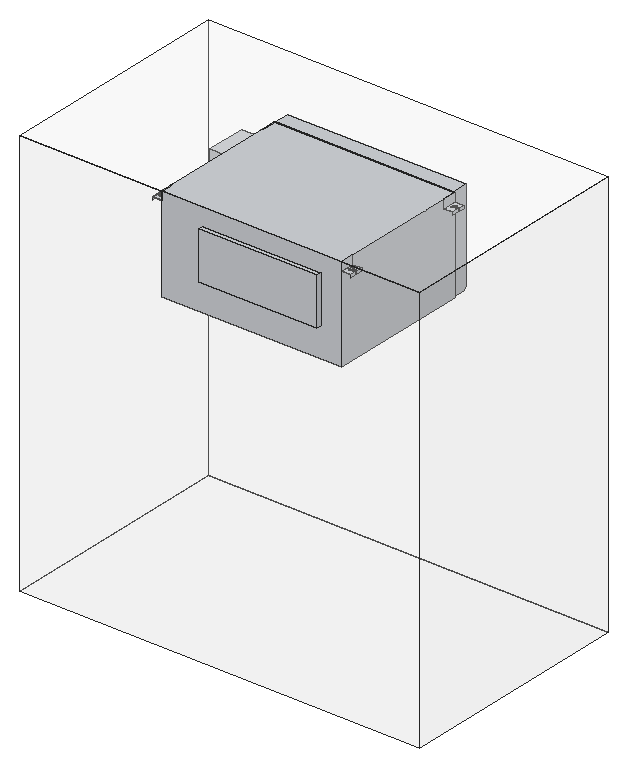
Revit family "pcav-p112_280dme3_50Hz", category 機械設備, Revit 2019
Family settings
  丸型コネクタ寸法 = 直径を使用
  パーツ タイプ = 標準
  OmniClass 番号 = 23.75.00.00
  OmniClass タイトル = Climate Control (HVAC)
  作業面ベース = いいえ
  常に垂直 = はい
  ロード時にボイドで切り取り = いいえ
  共有 = いいえ
  部屋計算ポイント = はい
Parameters (values of type "PCAV-P112DME3")
  風量（m3／min） = 32
  風量 = MAX風量  # 1920.0 m³/h
  音響パワーレベル(dB) = 66.5
  電源種別 = ""
  電源_H = 0.00 mm
  電圧_電気ヒーター = 0 V
  電圧 = 200 V
  電動機出力_送風機 = 150 W
  運転質量 = 0.00 kg
  連動 = ""
  質量 = if(製品質量 > 運転質量, 製品質量, 運転質量) * 1.2  # 129.60 kg
  負荷分類 = 3_ファン類
  説明 = "設備用パッケージエアコン 空冷天吊形・冷暖兼用 工場用天吊シリーズ"
  設計暖房能力 = 0 kW
  設計冷房能力_顕熱 = 0 kW
  設計冷房能力 = 0 kW
  設置方法 = "天井吊(露出)形"
  記号 = ""
  製造元 = "三菱電機株式会社"
  製品質量 = 108.00 kg
  製品出荷対象 = "国内"
  製品リリース年月 = "2023/12/18"
  製品グループ = ""
  系統 = ""
  符号 = "PAC_CR"
  積算_科目 = "1 空気調和設備"
  積算_拾い区分 [instance] = ""
  相_電気ヒーター = 1
  相 = 3
  盤記号 = ""
  発停方法 = "付属スイッチ"
  特殊仕様 = ""
  点検口離隔入力値 [instance] = 150.00 mm
  点検口離隔 [instance] = if(点検口離隔入力値 > 200.00 mm, 200.00 mm, if(点検口離隔入力値 < 150.00 mm, 150.00 mm, 点検口離隔入力値))  # 150.00 mm
  点検口設置範囲 = 800.00 mm
  点検口位置 = 200.00 mm
  点検口 = yes
  火災停止 = ""
  消費電力_電気ヒーター = 0 W
  消費電力_暖房 = 260 W
  消費電力_加湿器 = 0 W
  消費電力_冷房 = 260 W
  消費電力 = if(消費電力_冷房 > 消費電力_暖房, 消費電力_冷房, 消費電力_暖房) + 消費電力_加湿器 + 消費電力_電気ヒーター  # 260 W
  法定耐用年数 = "15"
  機外静圧 = 25.0 Pa
  極数 = 3
  材質 = ""
  本体マテリアル = none
  有効加湿量 = 0
  暖房能力 = 0 kW
  推奨ブレーカー容量 = 15 A
  形式_加湿器 = ""
  形式 = "天井吊(露出)形"
  幹線記号 = ""
  始動方式 = ""
  呼称 = "室内機_天井吊(露出)形"
  周波数 = 50 Hz
  吊り幅 = if(Depth = 900.00 mm, 60.00 mm, 61.00 mm)  # 60.00 mm
  吊り位置Y = 816.00 mm
  吊り位置X = 1203.00 mm
  台数_手元リモコン = ""
  台数_冷媒分岐ユニット = ""
  参照している仕様書等のバージョン = "公共建築工事標準仕様書（機械設備工事編）平成31年度版"
  加湿給水管径 = 0.00 mm
  分類コード = "50053003123090"
  分類グループ = ""
  冷房能力 = 0 kW
  冷媒高低圧ガス管径 = 0.00 mm
  冷媒管径符号 = "Bd"
  冷媒管径 = 100.00 mm
  冷媒液管径 = 9.52 mm
  冷媒液管_縦 = 44.00 mm
  冷媒液管_横 = 95.00 mm
  冷媒ガス管径 = 15.88 mm
  冷媒ガス管_縦 = 164.00 mm
  冷媒ガス管_横 = 249.00 mm
  企業コード = "108420"
  付属品_フィルター = ""
  付属品 = ""
  仕様書バージョン = "Version1.0"
  モデル = "PCAV-P112DME3"
  ドレン管径 = 48.60 mm
  ドレン管_縦 = 327.00 mm
  ドレン管_横 = 489.00 mm
  サービススペース = yes
  コメント [instance] = ""
  ケーブル種類 = ""
  ケーブルサイズ = 0 mm
  Width = 1145.00 mm
  Version = ""
  Uniclass2015Version = "Systems v1.9"
  Uniclass2015Title = "Split coil remote air cooled condensing units"
  Uniclass2015Code = "Pr_70_65_03_84"
  URL = "https://www.mitsubishielectric.co.jp/ldg/wink/qr/002/330568/"
  SpecificationReference = ""
  SpecificationDescription = ""
  S_H = Height + 20.00 mm  # 620.00 mm
  SAサイズ_W = 752.00 mm
  SAサイズ_D = 302.00 mm
  Revision = ""
  RAサイズ_W = 1133.00 mm
  RAサイズ_D = 600.00 mm
  ProductInformation = ""
  OmniClassCode = "23-33 17 13 11"
  MAX風量 = 風量（m3／min） * 60.0 m³/h  # 1920.0 m³/h
  IfcTypeProduct = ""
  IfcProduct = ""
  IfcExportType = "AIRCONDITIONINGUNIT"
  IfcExportAs = "IfcUnitaryEquipmentType"
  Height = 600.00 mm
  Depth = 900.00 mm
  Clearance Top = 0.00 mm
  Clearance Right = 500.00 mm
  Clearance Left = if(Width = 1145.00 mm, 900.00 mm, if(Width = 1695.00 mm, 900.00 mm, if(Width = 1195.00 mm, 1180.00 mm, 1300.00 mm)))  # 900.00 mm
  Clearance Front = 0.00 mm
  Clearance Bottom = 2000.00 mm
  Clearance Back = 500.00 mm
  Author = "三菱電機株式会社"
Types (4, lengths in mm): name | 風量（m3／min） | 風量 | 音響パワーレベル(dB) | 電動機出力_送風機 | 質量 | 製品質量 | 消費電力_暖房 | 消費電力_冷房 | 消費電力 | 機外静圧 | 暖房能力 | 吊り位置X | 冷房能力 | 冷媒管径符号 | 冷媒ガス管径 | モデル | Width | URL | SAサイズ_W | RAサイズ_W | MAX風量
  PCAV-P112DME3 | 32 | 1920.0 m³/h | 66.5 | 150 W | 129.60 kg | 108.00 kg | 260 W | 260 W | 260 W | 25.0 Pa | 0 kW | 1203.00 | 0 kW | "Bd" | 15.88 | "PCAV-P112DME3" | 1145.00 | "https://www.mitsubishielectric.co.jp/ldg/wink/qr/002/330568/" | 752.00 | 1133.00 | 1920.0 m³/h
  PCAV-P140DME3 | 38 | 2280.0 m³/h | 69 | 200 W | 129.60 kg | 108.00 kg | 320 W | 320 W | 320 W | 50.0 Pa | 14 kW | 1203.00 | 12.5 kW | "Bd" | 15.88 | "PCAV-P140DME3" | 1145.00 | "https://www.mitsubishielectric.co.jp/ldg/wink/qr/002/330566/" | 752.00 | 1133.00 | 2280.0 m³/h
  PCAV-P224DME3 | 64 | 3840.0 m³/h | 69 | 300 W | 192.00 kg | 160.00 kg | 480 W | 480 W | 480 W | 35.0 Pa | 22.4 kW | 1753.00 | 20 kW | "Be" | 19.05 | "PCAV-P224DME3" | 1695.00 | "https://www.mitsubishielectric.co.jp/ldg/wink/qr/002/330567/" | 1302.00 | 1683.00 | 3840.0 m³/h
  PCAV-P280DME3 | 77 | 4620.0 m³/h | 72 | 400 W | 192.00 kg | 160.00 kg | 580 W | 580 W | 580 W | 60.0 Pa | 28 kW | 1753.00 | 25 kW | "Bf" | 22.20 | "PCAV-P280DME3" | 1695.00 | "https://www.mitsubishielectric.co.jp/ldg/wink/qr/002/330569/" | 1302.00 | 1683.00 | 4620.0 m³/h
Reference planes
  plane 1 "中心(正面/背面)": y = 0
  plane 2: z = 0
  plane 3 "中心(左/右)": x = 0
  plane 4: x = 601.5
  plane 5: x = -601.5
  plane 6: y = -940
  plane 7: x = 624.5
  plane 8: y = -1083.5
  plane 9: y = -124
  plane 10: y = -603.75
  plane 11: y = -774
  plane 12: y = -324
  plane 13: x = -714.5
  plane 14: x = -1364.5
  plane 15: x = -614.5
  plane 16: y = -1583.5
  plane 17: x = 735.5
  plane 18: y = -1083.5
  plane 19: y = -236.5
  plane 20: y = -1133.5
  plane 21: y = -516.5
  plane 22: y = -142
  plane 23: y = -958
  plane 24: x = -572.5
  plane 25: x = 572.5
  plane 26: y = -100
  plane 27: y = -100
  plane 28: y = -1000
  plane 29: x = -309.5
  plane 30: x = 442.5
  plane 31: x = -567.5
  plane 32: x = 565.5
  plane 33: z = -600
  plane 34: z = 0
  plane 35: z = -2600
  plane 36 "clearance-R": x = 1072.5
  plane 37 "clearance-L": x = -1472.5
  plane 38 "clearance-back": y = 500
Dimensions and locks
  locked: plane 12 to plane 11 at 450
  "Clearance Back": plane 8 to plane 16
  "Clearance Front": plane 18 to plane 8
  "点検口位置": plane 9 to plane 12
  "吊り位置X": plane 5 to plane 4
  locked: plane 4 to plane 7 at 23
  "吊り位置Y": plane 22 to plane 23
  "Width": plane 24 to plane 25
  "Depth": plane 27 to plane 28
  plane 27 to plane 28 = 900.00 mm
  locked: plane 24 to plane 29 at 263
  "SAサイズ_W": plane 29 to plane 30
  plane 24 to plane 31 = 5.00 mm
  "RAサイズ_W": plane 31 to plane 32
  "Height": level to plane 33
  "Clearance Top": plane 34 to level
  "Clearance Bottom": plane 33 to plane 35
  equal spacing: plane 24, plane 3 "中心(左/右)", plane 25
  equal spacing: plane 5, plane 3 "中心(左/右)", plane 4
  "Clearance Right": plane 25 to plane 36 "clearance-R"
  "Clearance Left": plane 37 "clearance-L" to plane 24
  "Clearance Back": plane 1 "中心(正面/背面)" to plane 38 "clearance-back"
  aligned and locked: level to plane 2
  aligned and locked: nested 2 to plane 36 "clearance-R"
  aligned and locked: nested 2 to plane 37 "clearance-L"
  aligned and locked: nested 2 to plane 38 "clearance-back"
  aligned and locked: nested 2 to plane 28
  aligned and locked: plane 2 to nested 2
  aligned and locked: plane 35 to nested 2
  aligned and locked: nested 3 to plane 22
  aligned and locked: nested 3 to plane 5
  aligned and locked: nested 3 to plane 4
  aligned and locked: nested 3 to plane 23
Nested families
  nested 1: "PCAV-P○○DME3" at (172.5, -550, -600) x (0, -1, 0) z (0, 0, 1), type "PCAV-P○○DME3"
    with 制御ボクス yes, ユニット表示 yes, ガス管 15.88 mm
  nested 2: "サービススペース" at (-200, -250, -1300), type "サービススペース"
    with Width 2545.00 mm, Height 2600.00 mm, Depth 1500.00 mm
  nested 3: "固定点" at (-601.5, -958, 0), type "固定点"
    with W 1203.00 mm, D 816.00 mm
Connectors
  electrical at (-672.5, -346.333, -306.767), driven by "極数", driven by "負荷分類", driven by "電圧", driven by "消費電力"
    settings: on nested 1, index 1, voltage 200 V, apparent load 260 VA, apparent load phase1 0 VA, apparent load phase2 0 VA, apparent load phase3 0 VA, power factor 1, load classification "3_ファン類", number of poles 3, system type 30, power factor state 1, is connector primary yes, connector utility no, sub classification motor no, connector description ""
  piping at (-672.5, -190, -370), diameter 100, driven by "冷媒管径", driven by "冷媒管径符号"
    settings: on nested 1, index 2, connector inside diameter 609.60 mm, connector length 0.00 mm, flow factor 0, pipe flow 0.0 L/s, pressure drop 0.0 Pa, fitting loss kfactor 0, connector angle 0.00°, fixture units 0, engagement length 0.00 mm, angle of deflection 0.00°, flow configuration 0, flow direction 0, fitting loss method 0, system type 19, joint type 0, gender type 0, connector reference index -1, connector utility 0, adjustable connector no, is connector primary yes, connector description "Bd"
  piping at (-657.5, -230, -560), diameter 48.6, driven by "ドレン管径"
    settings: on nested 1, index 3, connector inside diameter 609.60 mm, connector length 0.00 mm, flow factor 0, pipe flow 0.0 L/s, pressure drop 0.0 Pa, fitting loss kfactor 0, connector angle 0.00°, fixture units 0, engagement length 0.00 mm, angle of deflection 0.00°, flow configuration 0, flow direction 2, fitting loss method 4, system type 16, joint type 0, gender type 0, connector reference index -1, connector utility 0, adjustable connector no, is connector primary no, connector description ""
  hvac at (66.5, -1030, -260), driven by "SAサイズ_D", driven by "SAサイズ_W", driven by "機外静圧", driven by "風量"
    settings: on nested 1, index 4, duct flow 1920.0 m³/h, flow factor 0, pres drop 25.0 Pa, loss coef 0, conn angle 0.00°, conn width 752 mm, conn height 302 mm, conn diameter 609.6 mm, duct sys type 29, conn prof type 1, flow config 0, flow direction 2, loss method 4, conn ref index -1, conn util no, is conn primary yes, conn desc ""
Definition of nested family "PCAV-P○○DME3"
  Parameters (values of type "PCAV-P○○DME3")
    液管 = 9.52 mm
    制御ボクス [instance] = yes
    ガス管 = 15.90 mm
    S2 = 302.00 mm
    S1 = 189.00 mm
    E = 752.00 mm
    C = 1145.00 mm
    A = 1263.00 mm
    高さ = 600.00 mm
    冷媒配管 = 100.00 mm
    ユニット表示 [instance] = yes
    D = 1133.00 mm
    B = 1203.00 mm
  Reference planes
    plane 1 "中心(正面/背面)": y = -172.5
    plane 2: z = 0
    plane 3 "中心(左/右)": x = 0
    plane 4: z = 600
    plane 5: y = -804
    plane 6 "吊金具-２": x = 480
    plane 7: y = -472.5
    plane 8: y = 429
    plane 9: z = 20
    plane 10: z = 189
    plane 11: z = 491
    plane 12: x = 390
    plane 13: x = 380
    plane 14: y = 459
    plane 15: y = -774
    plane 16: y = 400
    plane 17: y = -745
    plane 18: y = -740
    plane 19: y = 393
    plane 20: y = -482
    plane 21: y = 270
    plane 22: x = -450
    plane 23: x = 450
    plane 24 "吊り金具-1": x = -408
    plane 25 "吊り金具-2": x = 408
    plane 26 "制御BOX": y = -845
    plane 27 "昇降フィルターボックス": x = -550
    plane 28 "ドレン": x = -500
    plane 29 "ドレン-奥行": x = -320
    plane 30 "ガス-奥行": x = -340
    plane 31 "液-奥行": x = -380
    plane 32 "ドレンｰ高さ": z = 40
    plane 33 "ガスｰ高さ": z = 210
    plane 34 "液ｰ高さ": z = 250
    plane 35 "冷媒管径-高さ": z = 230
    plane 36 "冷媒配管-奥行": x = -360
    plane 37 "吊金具": z = 547
    plane 38: x = -60
    plane 39: z = 580
    plane 40: y = -598
  Forms (mm)
    Extrusion 1, solid, visible <- "ユニット表示", detail levels fine
      sketch origin (0, 0, 0) x (1, 0, 0) y (0, 1, 0)
        loop
          line (-450, 400) -> (-450, -745) -> (450, -745) -> (450, 400) -> (-450, 400)
      from 0 to 600
    Extrusion 2, solid, visible <- "ユニット表示", detail levels fine
      sketch origin (0, 0, 0) x (1, 0, 0) y (0, 1, 0)
        loop
          line (480, 270) -> (450, 270) -> (450, -482) -> (480, -482) -> (480, 270)
      from 189 to 491
    Extrusion 3, solid, detail levels fine
      sketch origin (1480.036, -512.5, 1200) x (1, 0, 0) y (0, 0, 1)
        loop
          line (-1930.036, -600) -> (-2030.036, -600) -> (-2030.036, -1180) -> (-2011.536, -1200) -> (-1930.036, -1200) -> (-1930.036, -600)
      from -905.5 to 227.5
    Extrusion 4, solid, detail levels fine
      sketch origin (533.5, -745, 0) x (-1, 0, 0) y (0, 0, -1)
        loop
          circle (853.5, -40) r 24.3
      from 0 to 85
    Extrusion 5, solid, detail levels fine
      sketch origin (533.5, -745, 0) x (-1, 0, 0) y (0, 0, -1)
        loop
          circle (873.5, -210) r 7.95
      from 0 to 85
    Extrusion 6, solid, detail levels fine
      sketch origin (533.5, -745, 0) x (-1, 0, 0) y (0, 0, -1)
        loop
          circle (913.5, -250) r 4.76
      from 0 to 85
    Extrusion 7, solid, detail levels fine
      sketch origin (533.5, -745, 0) x (-1, 0, 0) y (0, 0, -1)
        loop
          circle (893.5, -230) r 50
      from 0 to 100
    Extrusion 8, solid, detail levels fine
      sketch origin (533.5, -745, 0) x (-1, 0, 0) y (0, 0, -1)
        loop
          line (593.5, -28.5) -> (593.5, -580) -> (849.5, -580) -> (849.5, -311.7) -> (768.5, -230.7) -> (768.5, -28.5) -> (593.5, -28.5)
      from 0 to 100
    Extrusion 9, solid, detail levels fine
      sketch origin (-550, -512.5, 0) x (0, -1, 0) y (-1, 0, 0)
        loop
          circle (85.5, -50) r 6.9
      from 0 to 20
  Dimensions and locks
    "高さ": plane 4 to level
    "S2": plane 11 to plane 10
    "S1": plane 10 to level
    locked: plane 13 to plane 6 "吊金具-２" at 100
    "B": plane 15 to plane 8
    "A": plane 5 to plane 14
    equal spacing: plane 5, plane 1 "中心(正面/背面)", plane 14
    "C": plane 17 to plane 16
    equal spacing: plane 17, plane 1 "中心(正面/背面)", plane 16
    locked: plane 17 to plane 18 at 5
    "D": plane 18 to plane 19
    locked: plane 17 to plane 20 at 263
    "E": plane 20 to plane 21
    plane 22 to plane 23 = 900.00 mm
    equal spacing: plane 22, plane 3 "中心(左/右)", plane 23
    plane 24 "吊り金具-1" to plane 25 "吊り金具-2" = 816.00 mm
    locked: plane 27 "昇降フィルターボックス" to plane 24 "吊り金具-1" at 142
    equal spacing: plane 24 "吊り金具-1", plane 3 "中心(左/右)", plane 25 "吊り金具-2"
    locked: plane 25 "吊り金具-2" to plane 6 "吊金具-２" at 72
    plane 23 to plane 29 "ドレン-奥行" = 770.00 mm
    plane 23 to plane 30 "ガス-奥行" = 790.00 mm
    plane 30 "ガス-奥行" to plane 31 "液-奥行" = 40.00 mm
    plane 32 "ドレンｰ高さ" to level = 40.00 mm
    plane 33 "ガスｰ高さ" to level = 210.00 mm
    plane 34 "液ｰ高さ" to plane 33 "ガスｰ高さ" = 40.00 mm
    plane 5 to plane 17 = 59.00 mm
    equal spacing: plane 15, plane 1 "中心(正面/背面)", plane 8
    "ガス管": diameter of Extrusion 5 sketch curve
    "液管": diameter of Extrusion 6 sketch curve
    "冷媒配管": diameter of Extrusion 7 sketch curve
    diameter of Extrusion 9 sketch curve = 13.80 mm
    diameter of Extrusion 4 sketch curve = 48.60 mm
    aligned and locked: level to plane 2
    aligned and locked: Extrusion 1 to level
    aligned and locked: plane 4 to Extrusion 1
    aligned and locked: Extrusion 2 to plane 10
    aligned and locked: plane 11 to Extrusion 2
    aligned and locked: plane 16 to Extrusion 1 sketch curve
    aligned and locked: Extrusion 1 sketch curve to plane 17
    aligned and locked: Extrusion 2 sketch curve to plane 21
    aligned and locked: plane 20 to Extrusion 2 sketch curve
    aligned and locked: Extrusion 1 to plane 22
    aligned and locked: plane 23 to Extrusion 1
    aligned and locked: plane 18 to Extrusion 3
    aligned and locked: Extrusion 3 to plane 19
    aligned and locked: nested 1 to plane 17
    aligned and locked: plane 17 to nested 4
    aligned and locked: nested 2 to plane 16
    aligned and locked: plane 16 to nested 3
  Automatic sketch dimensions
    plane 6 "吊金具-２" to Extrusion 2 sketch curve = 0.00 mm
    Extrusion 1 sketch curve to plane 23 = 0.00 mm
    Extrusion 2 sketch curve to Extrusion 2 sketch curve = 30.00 mm
    Extrusion 3 sketch curve to plane 27 "昇降フィルターボックス" = 0.00 mm
    Extrusion 3 sketch curve to plane 4 = 0.00 mm
    Extrusion 3 sketch curve to level = 0.00 mm
    Extrusion 3 sketch curve to plane 22 = 0.00 mm
    Extrusion 3 sketch curve to plane 9 = 0.00 mm
    Extrusion 1 sketch curve to plane 22 = 0.00 mm
    plane 27 "昇降フィルターボックス" to Extrusion 3 sketch curve = 18.50 mm
    Extrusion 1 to Extrusion 4 sketch curve = 40.00 mm
    Extrusion 1 to Extrusion 4 sketch curve = 130.00 mm
    Extrusion 1 to Extrusion 8 sketch curve = 390.00 mm
    Extrusion 1 to Extrusion 8 sketch curve = 215.00 mm
    Extrusion 1 to Extrusion 8 sketch curve = 134.00 mm
    Extrusion 1 to Extrusion 8 sketch curve = 571.50 mm
    Extrusion 8 sketch curve to Extrusion 8 sketch curve = 202.20 mm
    Extrusion 8 sketch curve to Extrusion 8 sketch curve = 81.00 mm
    Extrusion 8 sketch curve to Extrusion 8 sketch curve = 268.30 mm
    Extrusion 9 sketch curve to Extrusion 3 = 31.50 mm
    Extrusion 9 sketch curve to Extrusion 3 = 142.00 mm
    Extrusion 1 to Extrusion 5 sketch curve = 110.00 mm
    Extrusion 1 to Extrusion 5 sketch curve = 210.00 mm
    Extrusion 1 to Extrusion 6 sketch curve = 70.00 mm
    Extrusion 1 to Extrusion 6 sketch curve = 250.00 mm
    Extrusion 1 to Extrusion 7 sketch curve = 90.00 mm
    Extrusion 1 to Extrusion 7 sketch curve = 230.00 mm
  Nested families
    nested 1: "leg" at (408, -774, 547), type "leg", detail levels fine
    nested 2: "leg" at (408, 429, 547), type "leg", detail levels fine
    nested 3: "leg" at (-408, 429, 547) x (-1, 0, 0) z (0, 0, 1), type "leg", detail levels fine
    nested 4: "leg" at (-408, -774, 547) x (-1, 0, 0) z (0, 0, 1), type "leg", detail levels fine
  Definition of nested family "leg"
    Reference planes
      plane 1 "中心(正面/背面)": y = 0
      plane 2: z = 0
      plane 3 "中心(左/右)": x = 0
      plane 4: x = -7
      plane 5: x = 7
      plane 6: x = 40
      plane 7: x = -43.2
      plane 8: y = -30
      plane 9: y = 29
      plane 10: z = 53
    Forms (mm)
      Extrusion 1, solid
        sketch origin (0, -1, 0) x (1, 0, 0) y (0, 1, 0)
          loop
            line (40, 30) -> (-43.2, 30) -> (-43.2, -29) -> (-7, -29) -> (-7, -8.798)
            arc (-7, -8.798) -> (-12.746, -5.325) -> (-15, 1) r 10
            arc (-15, 1) -> (-12.071, 8.071) -> (-5, 11) r 10
            line (-5, 11) -> (5, 11)
            arc (5, 11) -> (12.071, 8.071) -> (15, 1) r 10
            arc (15, 1) -> (12.746, -5.325) -> (7, -8.798) r 10
            line (7, -8.798) -> (7, -29) -> (40, -29) -> (40, 30)
        from -2 to 0
      Extrusion 2, solid
        sketch origin (0, -0.091, 0) x (1, 0, 0) y (0, 1, 0)
          loop
            line (-43.2, -28.909) -> (-43.2, -29.909) -> (-7, -29.909) -> (-7, -28.909) -> (-43.2, -28.909)
          loop
            line (7, -28.909) -> (7, -29.909) -> (40, -29.909) -> (40, -28.909) -> (7, -28.909)
        from -17 to 0
      Extrusion 3, solid
        sketch origin (0, -0.091, 0) x (1, 0, 0) y (0, 1, 0)
          loop
            line (40, 28.091) -> (40, 29.091) -> (-43.2, 29.091) -> (-43.2, 28.091) -> (40, 28.091)
        from 0 to 53
    Cuts and joins
      joined: Extrusion 1, Extrusion 2, Extrusion 3
    Dimensions and locks
      aligned and locked: level to plane 2
Definition of nested family "サービススペース"
  Parameters (values of type "サービススペース")
    Width [instance] = 500.00 mm
    Height [instance] = 500.00 mm
    Depth [instance] = 500.00 mm
  Reference planes
    plane 1 "中心(正面/背面)": y = 0
    plane 2: z = 0
    plane 3 "中心(左/右)": x = 0
    plane 4: y = -250
    plane 5: x = 250
    plane 6: y = 250
    plane 7: x = -250
    plane 8: z = 250
    plane 9: z = -250
  Forms (mm)
    Extrusion 1, solid
      sketch origin (-638.939, 0, 72.39) x (1, 0, 0) y (0, 1, 0)
        loop
          line (388.939, 250) -> (388.939, -250) -> (888.939, -250) -> (888.939, 250) -> (388.939, 250)
      from -322.39 to 177.61
  Lines and regions (mm)
    symbolic lines
      curve 1: line (-250, 0, 250) -> (250, 0, 250)
      curve 2: line (-250, 0, -250) -> (-250, 0, 250)
      curve 3: line (250, 0, -250) -> (-250, 0, -250)
      curve 4: line (250, 0, 250) -> (250, 0, -250)
      curve 5: line (0, -250, 250) -> (0, 250, 250)
      curve 6: line (0, -250, -250) -> (0, -250, 250)
      curve 7: line (0, 250, -250) -> (0, -250, -250)
      curve 8: line (0, 250, 250) -> (0, 250, -250)
      curve 9: line (-250, 250, 0) -> (250, 250, 0)
      curve 10: line (-250, -250, 0) -> (-250, 250, 0)
      curve 11: line (250, -250, 0) -> (-250, -250, 0)
      curve 12: line (250, 250, 0) -> (250, -250, 0)
  Dimensions and locks
    equal spacing: plane 7, plane 3 "中心(左/右)", plane 5
    equal spacing: plane 4, plane 1 "中心(正面/背面)", plane 6
    "Depth": plane 4 to plane 6
    "Width": plane 7 to plane 5
    equal spacing: plane 8, plane 2, plane 9
    "Height": plane 8 to plane 9
    aligned and locked: plane 9 to curve 3
    aligned and locked: plane 7 to curve 2
    aligned and locked: curve 4 to plane 5
    aligned and locked: plane 5 to Extrusion 1
    aligned and locked: Extrusion 1 to plane 7
    aligned and locked: Extrusion 1 to plane 9
    aligned and locked: plane 8 to Extrusion 1
    aligned and locked: plane 9 to curve 7
  Automatic sketch dimensions
    plane 4 to Extrusion 1 sketch curve = 0.00 mm
    Extrusion 1 sketch curve to plane 7 = 0.00 mm
    Extrusion 1 sketch curve to plane 5 = 0.00 mm
    plane 6 to Extrusion 1 sketch curve = 0.00 mm
    curve 2 to plane 8 = 0.00 mm
    plane 4 to curve 11 = 0.00 mm
    curve 11 to plane 7 = 0.00 mm
    curve 11 to plane 5 = 0.00 mm
    plane 6 to curve 10 = 0.00 mm
    curve 7 to plane 4 = 0.00 mm
    curve 7 to plane 6 = 0.00 mm
    curve 6 to plane 8 = 0.00 mm
Definition of nested family "固定点"
  Parameters (values of type "固定点")
    中心円 = 20.00 mm
    W [instance] = 1000.00 mm
    D [instance] = 1000.00 mm
  Reference planes
    plane 1 "中心(正面/背面)": y = 0
    plane 2: z = 0
    plane 3 "中心(左/右)": x = 0
    plane 4: x = 1000
    plane 5: y = 1000
  Lines and regions (mm)
    symbolic lines, detail levels fine
      curve 1: circle (0, 1000, 0) r 10 normal (0, 0, 1)
      curve 2: circle (0, 0, 0) r 10 normal (0, 0, 1)
      curve 3: circle (1000, 1000, 0) r 10 normal (0, 0, 1)
      curve 4: circle (1000, 0, 0) r 10 normal (0, 0, 1)
      curve 5: line (-200, 1000, 0) -> (1200, 1000, 0)
      curve 6: line (-200, 0, 0) -> (1200, 0, 0)
      curve 7: line (0, 1200, 0) -> (0, -200, 0)
      curve 8: line (1000, 1200, 0) -> (1000, -200, 0)
  Dimensions and locks
    "W": plane 3 "中心(左/右)" to plane 4
    "D": plane 1 "中心(正面/背面)" to plane 5
    "中心円": diameter of curve 1
    "中心円": diameter of curve 2
    "中心円": diameter of curve 3
    "中心円": diameter of curve 4
    aligned and locked: level to plane 2
    aligned and locked: plane 5 to curve 1
    aligned and locked: plane 3 "中心(左/右)" to curve 1
    aligned and locked: plane 3 "中心(左/右)" to curve 2
    aligned and locked: plane 1 "中心(正面/背面)" to curve 2
    aligned and locked: plane 4 to curve 3
    aligned and locked: plane 5 to curve 3
    aligned and locked: plane 1 "中心(正面/背面)" to curve 4
    aligned and locked: plane 4 to curve 4
    aligned and locked: plane 1 "中心(正面/背面)" to curve 6
    aligned and locked: curve 7 to plane 3 "中心(左/右)"
    aligned and locked: curve 8 to plane 4
  Automatic sketch dimensions
    curve 5 to plane 5 = 0.00 mm
    curve 6 to plane 3 "中心(左/右)" = 200.00 mm
    curve 5 to plane 3 "中心(左/右)" = 200.00 mm
    curve 4 to curve 6 = 200.00 mm
    curve 3 to curve 5 = 200.00 mm
    plane 1 "中心(正面/背面)" to curve 8 = 200.00 mm
    plane 1 "中心(正面/背面)" to curve 7 = 200.00 mm
    curve 3 to curve 8 = 200.00 mm
    curve 1 to curve 7 = 200.00 mm
